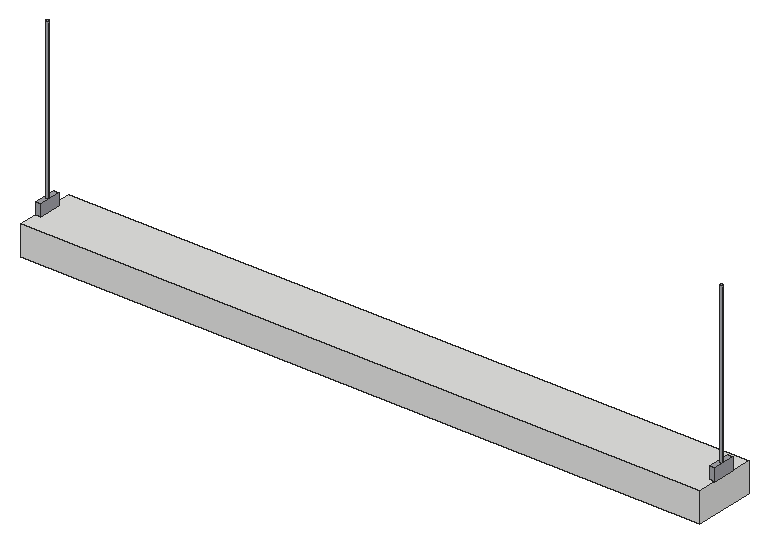
Revit family "IEK_Светильник_LED_1201-1501,15011_IP20_LOD2_R19", category Осветительные приборы, Revit 2019
Family settings
  Размер круглого соединителя = Использовать диаметр
  Тип детали = Нормальный
  На основе рабочей плоскости = Нет
  Всегда вертикально = Да
  При загрузке вырезать с полостями = Нет
  Источник света = Нет
  Общий = Нет
  Точка расчета площади = Нет
Parameters (values of type "1201_36Вт_3900лм_3000К_Подвесной_Пластик_Белый")
  УГО_А_верт [instance] = no
  УГО_А_180гр [instance] = no
  УГО_А_-90гр [instance] = no
  УГО_А_+90гр [instance] = no
  Лампа = "Светодиод. источник света (LED)"
  Изготовитель = "IEK"  # constant formula
  URL = "https://www.iek.ru/"
  KSI_CPr_Строительные изделия = "ЭЛ 40 50 50 30"  # constant formula
  KSI_CMa_Строительные материалы = "ГОСТ Р ИСО 2507-2-2015"  # constant formula
  IEK_Частота = "50 Гц"
  IEK_Цветовая температура = "3000 К"
  IEK_Цвет = "Белый"  # constant formula
  IEK_УГО_Смещение по оси Y [instance] = 1000 mm
  IEK_УГО_Смещение по оси X [instance] = 1000 mm
  IEK_УГО_Рабочее освещение [instance] = yes
  IEK_УГО_Аварийное освещение [instance] = not(IEK_УГО_Рабочее освещение)  # no
  IEK_Тип лампы = "LED"  # constant formula
  IEK_Температура эксплуатации = "-0…+50 °C"
  IEK_Степень защиты = "IP20"  # constant formula
  IEK_Срок службы = "50 000 часов"
  IEK_Серия = "1201"
  IEK_Световой поток = "3900 лм"
  IEK_Редактор = ""
  IEK_Разработчик = "Созутов ВД"  # constant formula
  IEK_Описание = "Светильник предназначен для освещения магазинов, супермаркетов и других торговых помещений.\r\nВысокая эффективность 110 лм/Вт.\r\nЦветопередача CRI>80, без пульсаций светового потока.\r\nУдобное соединение в линию до 12 светильников без разбора светильника и применения инструментов."
  IEK_Монтажная температура = ""
  IEK_Конфигуратор = ""
  IEK_Класс защиты = "II"
  IEK_Категория цветности света = "Теплый 2700-3300 К"
  IEK_Индекс цветопередачи = ""
  IEK_Замена = ""
  IEK_Доп.материал = Металл
  IEK_Гарантийный срок = "3 года"
  IEK_Высота подвеса [instance] = 300 mm
  IEK_Вид климатического исполнения = ""
  IEK_Блок аварийного питания = no
  IEK_URL_Сертификат = "https://www.iek.ru/local/components/iek/prodcat.catalog.detail/download.php?hash=76de1e79201f11fc9c31f6e124a59827abeeec0445d4f6ac3acec2b6fc0fc7c8"
  IEK_URL_Паспорт изделия = "https://www.iek.ru/local/components/iek/prodcat.catalog.detail/download.php?hash=61c376ab104cdfb665e8459253ad98a741c9b8f8c288a0f2993b0d3d5907ac75"
  IEK_URL_Изображение = "https://www.iek.ru/upload/iek.prodcat/file/c61485ff48c15c7d3b3dc5d17b10f18d403479dc5948d98ea3a17e2e7fb454a9.png"
  IEK_URL_IES = ""
  IEK_URL = "https://www.iek.ru/products/catalog/svetotekhnika/kommercheskoe_osveshchenie/svetilniki_dlya_torgovogo_osveshcheniya/svetilniki_lineynye_dlya_riteyla/svetilnik_svetodiodnyy_lineynyy_1201_36vt_3000k_1200kh107kh52mm_iek"
  IEK_LOD = "LOD200"  # constant formula
  IEK_ID = "#100302040001"
  ADSK_Этаж [instance] = ""
  ADSK_Ток = ADSK_Номинальная мощность / (ADSK_Коэффициент мощности * ADSK_Напряжение * sqrt(ADSK_Количество фаз))  # 0.181818 A
  ADSK_Размер_Ширина = 107 mm
  ADSK_Размер_Длина = 1200 mm
  ADSK_Размер_Диаметр = 10 mm
  ADSK_Размер_Высота = 52 mm
  ADSK_Примечание [instance] = ""
  ADSK_Полная мощность = ADSK_Номинальная мощность / ADSK_Коэффициент мощности  # 40 VA
  ADSK_Позиция [instance] = ""
  ADSK_Обозначение = ""
  ADSK_Номинальная мощность = 36 W
  ADSK_Напряжение = 220 V
  ADSK_Наименование краткое = "Светильник LED линейный 1201 36Вт IP20"
  ADSK_Наименование = "Светильник LED линейный 1201 36Вт 3000К 1200х107х52мм IEK"
  ADSK_Материал обозначение = "Плафон - пластик опаловый"
  ADSK_Материал наименование = "Корпус - пластик"
  ADSK_Материал = Белый
  ADSK_Масса_Текст = "1.0 Кг"
  ADSK_Масса = 1
  ADSK_Марка = "1201"
  ADSK_Коэффициент мощности = 0.9
  ADSK_Количество фаз = 1
  ADSK_Код изделия = "LDCK-0-1201-36-3000-K01"
  ADSK_Классификация нагрузок = Освещение
  ADSK_Завод-изготовитель = "IEK"  # constant formula
  ADSK_Единица измерения = "шт"  # constant formula
  ADSK_Группирование = "Светильники, светоуказатели, световые табло"  # constant formula
  ADSK_Версия семейства = "1.0"  # constant formula
  ADSK_Версия Revit = "2019"  # constant formula
  ADSK_URL страницы изделия = "https://www.iek.ru/products/catalog/svetotekhnika/kommercheskoe_osveshchenie/svetilniki_dlya_torgovogo_osveshcheniya/svetilniki_lineynye_dlya_riteyla/svetilnik_svetodiodnyy_lineynyy_1201_36vt_3000k_1200kh107kh52mm_iek"
  ADSK_URL документации изделия = "https://www.iek.ru/local/components/iek/prodcat.catalog.detail/download.php?hash=61c376ab104cdfb665e8459253ad98a741c9b8f8c288a0f2993b0d3d5907ac75"
Types (8, lengths in mm): name | IEK_Цветовая температура | IEK_Температура эксплуатации | IEK_Срок службы | IEK_Серия | IEK_Световой поток | IEK_Описание | IEK_Конфигуратор | IEK_Класс защиты | IEK_Категория цветности света | IEK_Индекс цветопередачи | IEK_Гарантийный срок | IEK_Блок аварийного питания | IEK_URL_Сертификат | IEK_URL_Паспорт изделия | IEK_URL_Изображение | IEK_URL_IES | IEK_URL | IEK_ID | ADSK_Ток | ADSK_Размер_Ширина | ADSK_Размер_Длина | ADSK_Размер_Высота | ADSK_Полная мощность | ADSK_Номинальная мощность | ADSK_Наименование краткое | ADSK_Наименование | ADSK_Материал обозначение | ADSK_Материал наименование | ADSK_Материал | ADSK_Масса_Текст | ADSK_Масса | ADSK_Марка | ADSK_Код изделия | ADSK_URL страницы изделия | ADSK_URL документации изделия
  (no name) | "3000 К" | "-0…+50 °C" | "50 000 часов" | "1201" | "3900 лм" | "Светильник предназначен для освещения магазинов, супермаркетов и других торговых помещений.\r\nВысокая эффективность 110 лм/Вт.\r\nЦветопередача CRI>80, без пульсаций светового потока.\r\nУдобное соединение в линию до 12 светильников без разбора светильника и применения инструментов." | "" | "II" | "Теплый 2700-3300 К" | "" | "3 года" | no | "https://www.iek.ru/local/components/iek/prodcat.catalog.detail/download.php?hash=76de1e79201f11fc9c31f6e124a59827abeeec0445d4f6ac3acec2b6fc0fc7c8" | "https://www.iek.ru/local/components/iek/prodcat.catalog.detail/download.php?hash=61c376ab104cdfb665e8459253ad98a741c9b8f8c288a0f2993b0d3d5907ac75" | "https://www.iek.ru/upload/iek.prodcat/file/c61485ff48c15c7d3b3dc5d17b10f18d403479dc5948d98ea3a17e2e7fb454a9.png" | "" | "https://www.iek.ru/products/catalog/svetotekhnika/kommercheskoe_osveshchenie/svetilniki_dlya_torgovogo_osveshcheniya/svetilniki_lineynye_dlya_riteyla/svetilnik_svetodiodnyy_lineynyy_1201_36vt_3000k_1200kh107kh52mm_iek" | "#100302040001" | 0.181818 A | 107 | 1200 | 52 | 40 VA | 36 W | "Светильник LED линейный 1201 36Вт IP20" | "Светильник LED линейный 1201 36Вт 3000К 1200х107х52мм IEK" | "Плафон - пластик опаловый" | "Корпус - пластик" | Белый | "1.0 Кг" | 1 | "1201" | "LDCK-0-1201-36-3000-K01" | "https://www.iek.ru/products/catalog/svetotekhnika/kommercheskoe_osveshchenie/svetilniki_dlya_torgovogo_osveshcheniya/svetilniki_lineynye_dlya_riteyla/svetilnik_svetodiodnyy_lineynyy_1201_36vt_3000k_1200kh107kh52mm_iek" | "https://www.iek.ru/local/components/iek/prodcat.catalog.detail/download.php?hash=61c376ab104cdfb665e8459253ad98a741c9b8f8c288a0f2993b0d3d5907ac75"
  1201_36Вт_3900лм_3000К_Подвесной_Пластик_Белый | "3000 К" | "-0…+50 °C" | "50 000 часов" | "1201" | "3900 лм" | "Светильник предназначен для освещения магазинов, супермаркетов и других торговых помещений.\r\nВысокая эффективность 110 лм/Вт.\r\nЦветопередача CRI>80, без пульсаций светового потока.\r\nУдобное соединение в линию до 12 светильников без разбора светильника и применения инструментов." | "" | "II" | "Теплый 2700-3300 К" | "" | "3 года" | no | "https://www.iek.ru/local/components/iek/prodcat.catalog.detail/download.php?hash=76de1e79201f11fc9c31f6e124a59827abeeec0445d4f6ac3acec2b6fc0fc7c8" | "https://www.iek.ru/local/components/iek/prodcat.catalog.detail/download.php?hash=61c376ab104cdfb665e8459253ad98a741c9b8f8c288a0f2993b0d3d5907ac75" | "https://www.iek.ru/upload/iek.prodcat/file/c61485ff48c15c7d3b3dc5d17b10f18d403479dc5948d98ea3a17e2e7fb454a9.png" | "" | "https://www.iek.ru/products/catalog/svetotekhnika/kommercheskoe_osveshchenie/svetilniki_dlya_torgovogo_osveshcheniya/svetilniki_lineynye_dlya_riteyla/svetilnik_svetodiodnyy_lineynyy_1201_36vt_3000k_1200kh107kh52mm_iek" | "#100302040001" | 0.181818 A | 107 | 1200 | 52 | 40 VA | 36 W | "Светильник LED линейный 1201 36Вт IP20" | "Светильник LED линейный 1201 36Вт 3000К 1200х107х52мм IEK" | "Плафон - пластик опаловый" | "Корпус - пластик" | Белый | "1.0 Кг" | 1 | "1201" | "LDCK-0-1201-36-3000-K01" | "https://www.iek.ru/products/catalog/svetotekhnika/kommercheskoe_osveshchenie/svetilniki_dlya_torgovogo_osveshcheniya/svetilniki_lineynye_dlya_riteyla/svetilnik_svetodiodnyy_lineynyy_1201_36vt_3000k_1200kh107kh52mm_iek" | "https://www.iek.ru/local/components/iek/prodcat.catalog.detail/download.php?hash=61c376ab104cdfb665e8459253ad98a741c9b8f8c288a0f2993b0d3d5907ac75"
  1201_36Вт_4000лм_4000К_Подвесной_Пластик_Белый | "4000 К" | "-0…+50 °C" | "50 000 часов" | "1201" | "4000 лм" | "Светильник предназначен для освещения магазинов, супермаркетов и других торговых помещений.\r\nВысокая эффективность 110 лм/Вт.\r\nЦветопередача CRI>80, без пульсаций светового потока.\r\nУдобное соединение в линию до 12 светильников без разбора светильника и применения инструментов." | "" | "II" | "Нейтральный (холодно-белый) 3300-5300 К" | "" | "3 года" | no | "https://www.iek.ru/local/components/iek/prodcat.catalog.detail/download.php?hash=76de1e79201f11fc9c31f6e124a59827abeeec0445d4f6ac3acec2b6fc0fc7c8" | "https://www.iek.ru/local/components/iek/prodcat.catalog.detail/download.php?hash=61c376ab104cdfb665e8459253ad98a741c9b8f8c288a0f2993b0d3d5907ac75" | "https://www.iek.ru/upload/iek.prodcat/file/c61485ff48c15c7d3b3dc5d17b10f18d403479dc5948d98ea3a17e2e7fb454a9.png" | "" | "https://www.iek.ru/products/catalog/svetotekhnika/kommercheskoe_osveshchenie/svetilniki_dlya_torgovogo_osveshcheniya/svetilniki_lineynye_dlya_riteyla/svetilnik_svetodiodnyy_lineynyy_1201_36vt_4000k_1200kh107kh52mm_iek" | "#100302040002" | 0.181818 A | 107 | 1200 | 52 | 40 VA | 36 W | "Светильник LED линейный 1201 36Вт IP20" | "Светильник LED линейный 1201 36Вт 4000К 1200х107х52мм IEK" | "Плафон - пластик опаловый" | "Корпус - пластик" | Белый | "1.0 Кг" | 1 | "1201" | "LDCK-0-1201-36-4000-K01" | "https://www.iek.ru/products/catalog/svetotekhnika/kommercheskoe_osveshchenie/svetilniki_dlya_torgovogo_osveshcheniya/svetilniki_lineynye_dlya_riteyla/svetilnik_svetodiodnyy_lineynyy_1201_36vt_4000k_1200kh107kh52mm_iek" | "https://www.iek.ru/local/components/iek/prodcat.catalog.detail/download.php?hash=61c376ab104cdfb665e8459253ad98a741c9b8f8c288a0f2993b0d3d5907ac75"
  1201_36Вт_4000лм_5000К_Подвесной_Пластик_Белый | "5000 К" | "-0…+50 °C" | "50 000 часов" | "1201" | "4000 лм" | "Светильник предназначен для освещения магазинов, супермаркетов и других торговых помещений.\r\nВысокая эффективность 110 лм/Вт.\r\nЦветопередача CRI>80, без пульсаций светового потока.\r\nУдобное соединение в линию до 12 светильников без разбора светильника и применения инструментов." | "" | "II" | "Нейтральный (холодно-белый) 3300-5300 К" | "" | "3 года" | no | "https://www.iek.ru/local/components/iek/prodcat.catalog.detail/download.php?hash=76de1e79201f11fc9c31f6e124a59827abeeec0445d4f6ac3acec2b6fc0fc7c8" | "https://www.iek.ru/local/components/iek/prodcat.catalog.detail/download.php?hash=61c376ab104cdfb665e8459253ad98a741c9b8f8c288a0f2993b0d3d5907ac75" | "https://www.iek.ru/upload/iek.prodcat/file/c61485ff48c15c7d3b3dc5d17b10f18d403479dc5948d98ea3a17e2e7fb454a9.png" | "" | "https://www.iek.ru/products/catalog/svetotekhnika/kommercheskoe_osveshchenie/svetilniki_dlya_torgovogo_osveshcheniya/svetilniki_lineynye_dlya_riteyla/svetilnik_svetodiodnyy_lineynyy_1201_36vt_5000k_1200kh107kh52mm_iek" | "#100302040003" | 0.181818 A | 107 | 1200 | 52 | 40 VA | 36 W | "Светильник LED линейный 1201 36Вт IP20" | "Светильник LED линейный 1201 36Вт 5000К 1200х107х52мм IEK" | "Плафон - пластик опаловый" | "Корпус - пластик" | Белый | "1.0 Кг" | 1 | "1201" | "LDCK-0-1201-36-5000-K01" | "https://www.iek.ru/products/catalog/svetotekhnika/kommercheskoe_osveshchenie/svetilniki_dlya_torgovogo_osveshcheniya/svetilniki_lineynye_dlya_riteyla/svetilnik_svetodiodnyy_lineynyy_1201_36vt_5000k_1200kh107kh52mm_iek" | "https://www.iek.ru/local/components/iek/prodcat.catalog.detail/download.php?hash=61c376ab104cdfb665e8459253ad98a741c9b8f8c288a0f2993b0d3d5907ac75"
  1501_PRO_55Вт_7200лм_4000К_Подвесной_Пластик_Алюминий | "4000 К" | "-10…+50 °C" | "100 000 часов" | "1501" | "7200 лм" | "Светильник предназначен для освещения магазинов, супермаркетов и других торговых помещений.\r\n\r\nСпециальная легкоразборная конструкция корпуса светильника с защелками обеспечивает быстрый доступ к драйверу и кабельной линии без применения инструментов.\r\nВстроенная кабельная линия с тремя группами фаз позволяет соединять до 30 светильников и осуществлять их раздельное управление.\r\nНадежный профессиональный драйвер и применяемые материалы рассеивателя обеспечивают долгий срок службы и стабильность светотехнических характеристик.\r\nНаличие IES-файлов в плагине Dialux.\r\nВозможность подвесного и накладного монтажа." | "https://www.iek.ru/products/configurators/light-calc/" | "I" | "Нейтральный (холодно-белый) 3300-5300 К" | "" | "5 лет" | no | "https://www.iek.ru/local/components/iek/prodcat.catalog.detail/download.php?hash=ae648fb20c5e7c0469ccc509d19b20934e128b7b15d6f1546046cd343d962449" | "https://www.iek.ru/local/components/iek/prodcat.catalog.detail/download.php?hash=9b3f6754e360664495530ac5d039e68418ede67916ac85f0977ba84888c08998" | "https://www.iek.ru/upload/iek.prodcat/file/7a3e0ef780bdfeceb2d0f3525ed76f6283565a25d31811cbe2af40e9a06effdf.png" | "https://www.iek.ru/local/components/iek/prodcat.catalog.detail/download.php?hash=c3b9c4fd8e0f8cfe196a00151ed12b804a43d8f2dbf1ffa015578f31f4652f4e" | "https://www.iek.ru/products/catalog/svetotekhnika/kommercheskoe_osveshchenie/svetilniki_dlya_torgovogo_osveshcheniya/svetilniki_lineynye_dlya_riteyla/svetilnik_svetodiodnyy_lineynyy_1501_pro_55vt_4000k_1500kh76kh63mm_iek" | "#100302040004" | 0.277778 A | 76 | 1500 | 63 | 61.1111 VA | 55 W | "Светильник LED линейный 1501 55Вт IP20" | "Светильник LED линейный 1501 PRO 55Вт 4000К 1500х76х63мм IEK" | "Плафон - пластик опаловый" | "Корпус - алюминий" | Алюминий | "2,0 Кг" | 2 | "1501" | "LDCK-0-1501-55-4000-K01" | "https://www.iek.ru/products/catalog/svetotekhnika/kommercheskoe_osveshchenie/svetilniki_dlya_torgovogo_osveshcheniya/svetilniki_lineynye_dlya_riteyla/svetilnik_svetodiodnyy_lineynyy_1501_pro_55vt_4000k_1500kh76kh63mm_iek" | "https://www.iek.ru/local/components/iek/prodcat.catalog.detail/download.php?hash=9b3f6754e360664495530ac5d039e68418ede67916ac85f0977ba84888c08998"
  1501_PRO_55Вт_7200лм_5000К_Подвесной_Пластик_Алюминий | "5000 К" | "-10…+50 °C" | "100 000 часов" | "1501" | "7200 лм" | "Светильник предназначен для освещения магазинов, супермаркетов и других торговых помещений.\r\n\r\nСпециальная легкоразборная конструкция корпуса светильника с защелками обеспечивает быстрый доступ к драйверу и кабельной линии без применения инструментов.\r\nВстроенная кабельная линия с тремя группами фаз позволяет соединять до 30 светильников и осуществлять их раздельное управление.\r\nНадежный профессиональный драйвер и применяемые материалы рассеивателя обеспечивают долгий срок службы и стабильность светотехнических характеристик.\r\nНаличие IES-файлов в плагине Dialux.\r\nВозможность подвесного и накладного монтажа." | "https://www.iek.ru/products/configurators/light-calc/" | "I" | "Нейтральный (холодно-белый) 3300-5300 К" | "" | "5 лет" | no | "https://www.iek.ru/local/components/iek/prodcat.catalog.detail/download.php?hash=ae648fb20c5e7c0469ccc509d19b20934e128b7b15d6f1546046cd343d962449" | "https://www.iek.ru/local/components/iek/prodcat.catalog.detail/download.php?hash=9b3f6754e360664495530ac5d039e68418ede67916ac85f0977ba84888c08998" | "https://www.iek.ru/upload/iek.prodcat/file/7a3e0ef780bdfeceb2d0f3525ed76f6283565a25d31811cbe2af40e9a06effdf.png" | "https://www.iek.ru/local/components/iek/prodcat.catalog.detail/download.php?hash=8ae75d87857688b7b8fa4fb6e137f0589a9313654c9689e7422bd8f8bdf578c3" | "https://www.iek.ru/products/catalog/svetotekhnika/kommercheskoe_osveshchenie/svetilniki_dlya_torgovogo_osveshcheniya/svetilniki_lineynye_dlya_riteyla/svetilnik_svetodiodnyy_lineynyy_1501_pro_55vt_5000k_1500kh76kh63mm_iek" | "#100302040005" | 0.277778 A | 76 | 1500 | 63 | 61.1111 VA | 55 W | "Светильник LED линейный 1501 55Вт IP20" | "Светильник LED линейный 1501 PRO 55Вт 5000К 1500х76х63мм IEK" | "Плафон - пластик опаловый" | "Корпус - алюминий" | Алюминий | "2,0 Кг" | 2 | "1501" | "LDCK-0-1501-55-5000-K01" | "https://www.iek.ru/products/catalog/svetotekhnika/kommercheskoe_osveshchenie/svetilniki_dlya_torgovogo_osveshcheniya/svetilniki_lineynye_dlya_riteyla/svetilnik_svetodiodnyy_lineynyy_1501_pro_55vt_5000k_1500kh76kh63mm_iek" | "https://www.iek.ru/local/components/iek/prodcat.catalog.detail/download.php?hash=9b3f6754e360664495530ac5d039e68418ede67916ac85f0977ba84888c08998"
  15011_PRO_55Вт_7200лм_4000К_Подвесной_Пластик_Алюминий | "4000 К" | "-10…+50 °C" | "100 000 часов" | "15011" | "7200 лм" | "Светильник предназначен для освещения магазинов, супермаркетов и других торговых помещений.\r\nВстроенный блок аварийного питания обеспечивает его бесперебойную работу в случае отключения питания.\r\nПростой доступ к драйверу и клеммной колодке без применения инструментов.\r\nВстроенная кабельная линия с установленными коннекторами для быстрого монтажа.\r\nОтсутствие слепящего эффекта за счет опалового рассеивателя.\r\nТрехфазная проводка внутри светильника.\r\nПодключение до 30 светильников в линию." | "https://www.iek.ru/products/configurators/light-calc/" | "I" | "" | "80-89 (класс 1B)" | "5 лет" | yes | "https://www.iek.ru/local/components/iek/prodcat.catalog.detail/download.php?hash=ed78d4c172f06cd38c362989613af68bf8c26aa39b778b6d8767249817be29cd" | "https://www.iek.ru/local/components/iek/prodcat.catalog.detail/download.php?hash=546b6aea1b45e41eed3bbba13de201dbf2d875739555d16da9447d118c676774" | "https://www.iek.ru/upload/iek.prodcat/file/7a3e0ef780bdfeceb2d0f3525ed76f6283565a25d31811cbe2af40e9a06effdf.png" | "" | "https://www.iek.ru/products/catalog/svetotekhnika/kommercheskoe_osveshchenie/svetilniki_dlya_torgovogo_osveshcheniya/svetilniki_lineynye_dlya_riteyla/svetilnik_svetodiodnyy_lineynyy_avariynyy_15011_pro_55vt_4000k_1500kh76kh63mm_s_bap_1ch_iek" | "#100302040006" | 0.277778 A | 76 | 1500 | 63 | 61.1111 VA | 55 W | "Светильник LED 15011 PRO 55Вт IP20" | "Светильник LED 15011 PRO 55Вт 4000К 1500х76х63мм БАП 1ч IEK" | "Плафон - поликарбонат" | "Корпус - алюминиевый сплав" | Алюминий | "2,0 Кг" | 2 | "15011" | "LDCK-6-15011-55-4000-K01" | "https://www.iek.ru/products/catalog/svetotekhnika/kommercheskoe_osveshchenie/svetilniki_dlya_torgovogo_osveshcheniya/svetilniki_lineynye_dlya_riteyla/svetilnik_svetodiodnyy_lineynyy_avariynyy_15011_pro_55vt_4000k_1500kh76kh63mm_s_bap_1ch_iek" | "https://www.iek.ru/local/components/iek/prodcat.catalog.detail/download.php?hash=546b6aea1b45e41eed3bbba13de201dbf2d875739555d16da9447d118c676774"
  15011_PRO_55Вт_7200лм_5000К_Подвесной_Пластик_Алюминий | "4000 К" | "-10…+50 °C" | "100 000 часов" | "15011" | "7200 лм" | "Светильник предназначен для освещения магазинов, супермаркетов и других торговых помещений.\r\nВстроенный блок аварийного питания обеспечивает его бесперебойную работу в случае отключения питания.\r\nПростой доступ к драйверу и клеммной колодке без применения инструментов.\r\nВстроенная кабельная линия с установленными коннекторами для быстрого монтажа.\r\nОтсутствие слепящего эффекта за счет опалового рассеивателя.\r\nТрехфазная проводка внутри светильника.\r\nПодключение до 30 светильников в линию." | "https://www.iek.ru/products/configurators/light-calc/" | "I" | "" | "80-89 (класс 1B)" | "5 лет" | yes | "https://www.iek.ru/local/components/iek/prodcat.catalog.detail/download.php?hash=ed78d4c172f06cd38c362989613af68bf8c26aa39b778b6d8767249817be29cd" | "https://www.iek.ru/local/components/iek/prodcat.catalog.detail/download.php?hash=546b6aea1b45e41eed3bbba13de201dbf2d875739555d16da9447d118c676774" | "https://www.iek.ru/upload/iek.prodcat/file/7a3e0ef780bdfeceb2d0f3525ed76f6283565a25d31811cbe2af40e9a06effdf.png" | "" | "https://www.iek.ru/products/catalog/svetotekhnika/kommercheskoe_osveshchenie/svetilniki_dlya_torgovogo_osveshcheniya/svetilniki_lineynye_dlya_riteyla/svetilnik_svetodiodnyy_lineynyy_avariynyy_15011_pro_55vt_5000k_1500kh76kh63mm_s_bap_1ch_iek" | "#100302040007" | 0.277778 A | 76 | 1500 | 63 | 61.1111 VA | 55 W | "Светильник LED 15011 PRO 55Вт IP20" | "Светильник LED 15011 PRO 55Вт 5000К 1500х76х63мм БАП 1ч IEK" | "Плафон - поликарбонат" | "Корпус - алюминиевый сплав" | Алюминий | "2,0 Кг" | 2 | "15011" | "LDCK-6-15011-55-5000-K01" | "https://www.iek.ru/products/catalog/svetotekhnika/kommercheskoe_osveshchenie/svetilniki_dlya_torgovogo_osveshcheniya/svetilniki_lineynye_dlya_riteyla/svetilnik_svetodiodnyy_lineynyy_avariynyy_15011_pro_55vt_5000k_1500kh76kh63mm_s_bap_1ch_iek" | "https://www.iek.ru/local/components/iek/prodcat.catalog.detail/download.php?hash=546b6aea1b45e41eed3bbba13de201dbf2d875739555d16da9447d118c676774"
Reference planes
  plane 1 "По центру (Вперед/Назад)": y = 0
  plane 2: z = 0
  plane 3 "По центру (Влево/Вправо)": x = 0
  plane 4: z = 52
  plane 5 "3": x = 600
  plane 6 "4": x = -600
  plane 7 "1": y = -53.5
  plane 8 "2": y = 53.5
  plane 9: x = -1000
  plane 10: y = -1000
  plane 11: z = 352
  plane 12: z = 52
Forms (mm)
  Extrusion 1, solid, material "Белый" <- "ADSK_Материал", detail levels medium+fine
    sketch origin (0, 0, 0) x (1, 0, 0) y (0, 1, 0)
      loop
        line (-600, 53.5) -> (-600, -53.5) -> (600, -53.5) -> (600, 53.5) -> (-600, 53.5)
    from 0 to 52
  Extrusion 2, solid, material "Металл" <- "IEK_Доп.материал"
    sketch origin (0, 0, 0) x (1, 0, 0) y (0, 1, 0)
      loop
        line (-600, 20) -> (-600, -20) -> (-590, -20) -> (-590, 20) -> (-600, 20)
      loop
        line (600, 20) -> (590, 20) -> (590, -20) -> (600, -20) -> (600, 20)
    from 52 to 73
  Extrusion 3, solid, material "Металл" <- "IEK_Доп.материал"
    sketch origin (0, 0, 0) x (1, 0, 0) y (0, 1, 0)
      loop
        circle (-595, 0) r 2.523
      loop
        circle (595, 0) r 2.523
    from 73 to 352
Lines and regions (mm)
  Masking region 1
    outline origin (70.86, 0, -5.625) x (1, 0, 0) y (0, 0, 1)
      loop
        line (-76.973, 12.797) -> (-76.973, 7.102) -> (-74.352, 7.102) -> (-74.352, 12.797) -> (-76.973, 12.797)
      loop
        line (-76.973, 15.902) -> (-76.973, 13.467) -> (-74.352, 13.467) -> (-74.352, 15.902) -> (-76.973, 15.902)
      loop
        line (-73.708, 15.902) -> (-73.708, 13.467) -> (-68.012, 13.467) -> (-68.012, 15.902) -> (-73.708, 15.902)
      loop
        line (-68.012, 12.797) -> (-73.708, 12.797) -> (-73.708, 7.102) -> (-68.012, 7.102) -> (-68.012, 9.598) -> (-71.239, 9.598) -> (-71.239, 10.38) -> (-68.012, 10.38) -> (-68.012, 12.797)
      loop
        line (-67.482, 15.902) -> (-67.482, 7.102) -> (-64.907, 7.102) -> (-64.907, 10.265) -> (-64.068, 10.265) -> (-61.934, 7.102) -> (-58.956, 7.102) -> (-62.028, 11.657) -> (-58.831, 16.223) -> (-61.579, 16.223) -> (-64.068, 12.797) -> (-64.907, 12.797) -> (-64.907, 15.902) -> (-67.482, 15.902)
  reference lines
    curve 1: line (-20, 0, 0) -> (20, 0, 0)
    curve 2: line (0, 10, 0) -> (0, -10, 0)
  reference lines, not visible
    curve 3: line (91.496, -55.114, 0) -> (131.496, -55.114, 0)
    curve 4: line (111.496, -45.114, 0) -> (111.496, -65.114, 0)
Text (mm)
  text "sozutov" at (107.323, 0, 16.659), in view "Спереди"
Dimensions and locks
  "ADSK_Размер_Высота": plane 4 to plane 2
  equal spacing: plane 6 "4", plane 3 "По центру (Влево/Вправо)", plane 5 "3"
  "ADSK_Размер_Длина": plane 6 "4" to plane 5 "3"
  equal spacing: plane 7 "1", plane 1 "По центру (Вперед/Назад)", plane 8 "2"
  "ADSK_Размер_Ширина": plane 7 "1" to plane 8 "2"
  "IEK_УГО_Смещение по оси X": plane 9 to plane 3 "По центру (Влево/Вправо)"
  "IEK_УГО_Смещение по оси Y": plane 10 to plane 1 "По центру (Вперед/Назад)"
  locked: plane 9 to curve 2 at 1000
  locked: plane 10 to curve 1 at 1000
  locked: Extrusion 2 sketch curve to Extrusion 2 sketch curve at 10  (x2)
  "IEK_Высота подвеса": plane 11 to plane 12
  "ADSK_Размер_Высота": plane 12 to plane 2
  aligned and locked: level to plane 2
  aligned and locked: Extrusion 1 sketch curve to plane 8 "2"
  aligned and locked: Extrusion 1 sketch curve to plane 6 "4"
  aligned and locked: Extrusion 1 sketch curve to plane 7 "1"
  aligned and locked: Extrusion 1 sketch curve to plane 5 "3"
  aligned and locked: Extrusion 1 to plane 4
  aligned and locked: nested 1 to curve 2
  aligned and locked: curve 1 to nested 1
  aligned and locked: nested 2 to curve 4
  aligned and locked: curve 3 to nested 2
  aligned and locked: plane 6 "4" to Extrusion 2 sketch curve
  aligned and locked: Extrusion 2 sketch curve to plane 5 "3"
  aligned and locked: Extrusion 3 to Extrusion 2
  aligned and locked: Extrusion 3 to plane 11
  aligned and locked: Extrusion 2 to plane 4
Automatic sketch dimensions
  level to Masking region 1 sketch curve = 7.172 mm  (x2)
  Masking region 1 sketch curve to plane 3 "По центру (Влево/Вправо)" = 6.113 mm
  Masking region 1 sketch curve to Masking region 1 sketch curve = 0 mm  (x8)
  Masking region 1 sketch curve to Masking region 1 sketch curve = 2.621 mm  (x2)
  Masking region 1 sketch curve to Masking region 1 sketch curve = 0.644 mm  (x2)
  Masking region 1 sketch curve to Masking region 1 sketch curve = 2.469 mm
  Masking region 1 sketch curve to Masking region 1 sketch curve = 3.227 mm
  Masking region 1 sketch curve to Masking region 1 sketch curve = 0.53 mm
  Masking region 1 sketch curve to Masking region 1 sketch curve = 2.575 mm
  Masking region 1 sketch curve to Masking region 1 sketch curve = 0.839 mm  (x2)
  level to Masking region 1 sketch curve = 6.032 mm
  Masking region 1 sketch curve to Masking region 1 sketch curve = 2.04 mm
  level to Masking region 1 sketch curve = 10.598 mm
  Masking region 1 sketch curve to Masking region 1 sketch curve = 3.328 mm
  Masking region 1 sketch curve to Masking region 1 sketch curve = 2.748 mm
  Masking region 1 sketch curve to Masking region 1 sketch curve = 2.418 mm
  Masking region 1 sketch curve to Masking region 1 sketch curve = 1.392 mm
  Masking region 1 sketch curve to Masking region 1 sketch curve = 0.782 mm
  Masking region 1 sketch curve to Masking region 1 sketch curve = 2.496 mm
  Masking region 1 sketch curve to Masking region 1 sketch curve = 0.669 mm  (x2)
  Masking region 1 sketch curve to Masking region 1 sketch curve = 2.435 mm  (x2)
  Masking region 1 sketch curve to Masking region 1 sketch curve = 2.972 mm
  level to Masking region 1 sketch curve = 1.477 mm
  Masking region 1 sketch curve to Masking region 1 sketch curve = 2.978 mm
  curve 1 to curve 2 = 20 mm
  curve 2 to curve 1 = 20 mm
  curve 2 to curve 1 = 10 mm
  curve 2 to curve 2 = 20 mm
  curve 3 to curve 4 = 20 mm
  curve 4 to curve 3 = 20 mm
  curve 4 to curve 3 = 10 mm
  curve 4 to curve 4 = 20 mm
  plane 1 "По центру (Вперед/Назад)" to Extrusion 2 sketch curve = 20 mm  (x2)
  Extrusion 2 sketch curve to plane 1 "По центру (Вперед/Назад)" = 20 mm  (x2)
  plane 1 "По центру (Вперед/Назад)" to Extrusion 3 sketch curve = 0 mm  (x2)
  Extrusion 3 sketch curve to plane 6 "4" = 5 mm
  Extrusion 3 sketch curve to plane 5 "3" = 5 mm
  radius of Extrusion 3 sketch curve = 2.523 mm  (x2)
Nested families
  nested 1: "IEK_УГО светильник прямоугольный" at (0, 0, 0), type "Стандарт", detail levels coarse+medium
  nested 2: "IEK_УГО светильник прямоугольный" at (111.496, -55.114, 0), type "Стандарт", not visible, detail levels coarse+medium
Connectors
  electrical at (0, 0, 52), driven by "ADSK_Количество фаз", driven by "ADSK_Классификация нагрузок", driven by "ADSK_Напряжение", driven by "ADSK_Полная мощность", driven by "ADSK_Коэффициент мощности"
    settings: on Extrusion 1, index 1, voltage 220 V, apparent load 0 VA, apparent load phase1 40 VA, apparent load phase2 0 VA, apparent load phase3 0 VA, power factor 0.9, load classification "Освещение", number of poles 1, system type 31, power factor state 1, is connector primary yes, connector utility no, sub classification motor no, connector description ""
  cabletrayconduit at (600, 0, 45), diameter 10, driven by "ADSK_Размер_Диаметр"
    settings: on Extrusion 1, index 2, connector width 300 mm, connector height 300 mm, connector angle 0.00°, system type 32, placement type 0, profile type 0, connector reference index 3, is primary connector yes, connector utility param no, connector description ""
  cabletrayconduit at (-600, 0, 45), diameter 10, driven by "ADSK_Размер_Диаметр"
    settings: on Extrusion 1, index 3, connector width 300 mm, connector height 300 mm, connector angle 0.00°, system type 32, placement type 0, profile type 0, connector reference index 2, is primary connector no, connector utility param no, connector description ""
Definition of nested family "IEK_УГО светильник прямоугольный"
  Parameters (values of type "Стандарт")
    Рабочая линия = no
    Аварийная линия = yes
    (А) -90гр = no
    (А) - Верт = yes
    (А) - 180гр = no
    (А) +90гр = no
  Reference planes
    plane 1: y = 0
    plane 2: x = 0
  Lines and regions (mm)
    detail lines, visible <- "(А) - Верт"
      curve 1: line (-0.742, -1.009, 0) -> (0, 1.031, 0)
      curve 2: line (0, 1.031, 0) -> (0.75, -1.031, 0)
      curve 3: line (-0.568, -0.53, 0) -> (0.568, -0.53, 0)
    detail lines, visible <- "(А) - 180гр"
      curve 4: line (0.742, 1.009, 0) -> (0, -1.031, 0)
      curve 5: line (0, -1.031, 0) -> (-0.75, 1.031, 0)
      curve 6: line (0.568, 0.53, 0) -> (-0.568, 0.53, 0)
    detail lines, visible <- "(А) -90гр"
      curve 7: line (0.893, -0.746, 0) -> (-1.147, -0.004, 0)
      curve 8: line (-1.147, -0.004, 0) -> (0.914, 0.746, 0)
      curve 9: line (0.414, -0.572, 0) -> (0.414, 0.564, 0)
    detail lines, visible <- "(А) +90гр"
      curve 10: line (-0.872, 0.746, 0) -> (1.167, 0.004, 0)
      curve 11: line (1.167, 0.004, 0) -> (-0.894, -0.746, 0)
      curve 12: line (-0.394, 0.572, 0) -> (-0.394, -0.564, 0)
    detail lines, visible <- "Рабочая линия"
      curve 13: line (-5, 1.25, 0) -> (5, 1.25, 0)
      curve 14: line (5, 1.25, 0) -> (5, -1.25, 0)
      curve 15: line (5, -1.25, 0) -> (-5, -1.25, 0)
      curve 16: line (-5, -1.25, 0) -> (-5, 1.25, 0)
      curve 17: line (-3.5, -1.25, 0) -> (-3.5, 1.25, 0)
      curve 18: line (3.5, 1.25, 0) -> (3.5, -1.25, 0)
    detail lines, visible <- "Аварийная линия"
      curve 19: line (-5, 1.25, 0) -> (5, 1.25, 0)
      curve 20: line (5, 1.25, 0) -> (5, -1.25, 0)
      curve 21: line (5, -1.25, 0) -> (-5, -1.25, 0)
      curve 22: line (-5, -1.25, 0) -> (-5, 1.25, 0)
      curve 23: line (-3.5, -1.25, 0) -> (-3.5, 1.25, 0)
      curve 24: line (3.5, 1.25, 0) -> (3.5, -1.25, 0)
